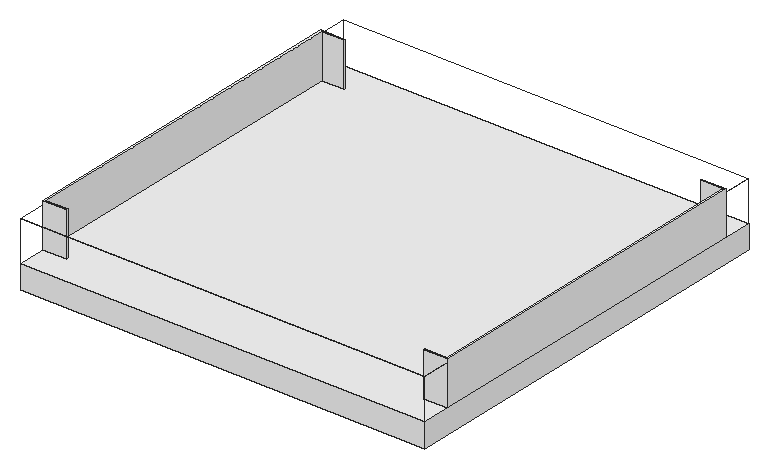
Revit family "Molior 4 Corner - Ceiling based", category Lighting Fixtures, host Ceiling, Revit 2014
Parameters (values of type "Molior 4 Corner 600x600 C")
  Wattage = 31 W
  WarrantyGuarantorParts = "n/a"
  WarrantyDurationParts = "n/a"
  WarrantyDescription = "n/a"
  built-in parameter 1150110 = 1 (stored number, unit not read)
  Version = "n/a"
  Uniclass2 = "Pr_70_70_49_43 Light-Emitting Diode (LED) Luminaires"
  Uniclass 1.4 = "JY73"
  TotalWattage = "Max. 27W / 33W"
  Total height with brackets = 100.00 mm
  built-in parameter 1114217 = 1 (stored number, unit not read)
  Tilt Angle = 90.00°
  built-in parameter 1150109 = 1 (stored number, unit not read)
  built-in parameter 1150134 = 12
  TagNumber = "n/a"
  SustainabilityPerformance = "n/a"
  built-in parameter 1150113 = 1 (stored number, unit not read)
  SupplyCircuitConductorConnections = "n/a"
  Size = "599 x 599 x 100 mm"
  Shape = "Square"
  ProductInformation = "http://riegens.com/molior-corner"
  PhotometricPerformance = "In accordance with BS EN 13032-1"
  Photometric Web File = "Molior 4 corner 31W 4000K Lens Clear.ies"
  PhaseReference = "IEC recommendations"
  Optic = "Direct Collimating TIR optic "
  NominalVoltage = "220-240V"
  ModelReference = "Molior 4 Corner 600x600 C"
  Material = "Steel and optic from PMMA."
  ManufacturersSpecificInformation = "n/a"
  ManufacturerURL = "www.riegens.com"
  Manufacturer = "Riegens A/S"
  built-in parameter 1150105 = 2456.8 (stored number, unit not read)
  Lumens = 3937 lm
  LuminaireType = "Recessed Direct LED Luminaire"
  LuminairePowerFactor = ">0,9"
  built-in parameter 1150115 = 1 (stored number, unit not read)
  LightSource = "LED 3000K / 4000K"
  LightFixturePlacingType = "Ceiling"
  LightFixtureMountingType = "Recessed"
  built-in parameter 1150137 = (empty or 0)
  built-in parameter 1150139 = (empty or 0)
  LampType = "LED"
  LampRating = "25W / 31W"
  LampColourRenderingIndex = "Ra>80 / Ra>90 on request"
  built-in parameter 1150112 = 1 (stored number, unit not read)
  built-in parameter 1150114 = 1 (stored number, unit not read)
  InternalFuse = "Only required in emergency versions"
  InsulationStandardClass = "Class 1"
  built-in parameter 1150132 = (empty or 0)
  built-in parameter 1150102 = (empty or 0)
  built-in parameter 1150107 = 4000 (stored number, unit not read)
  built-in parameter 1150138 = (empty or 0)
  built-in parameter 1150106 = 24.568 (stored number, unit not read)
  IfcExportType = "NOTDEFINED"
  IfcExportAs = "IfcLightFixtureType"
  IP_Code = "IP20"
  HasProtectiveEarth = "TRUE"
  Grade = "n/a"
  Glass = Riegens_Glass_opal
  Frame Width = 599.00 mm
  Frame Thickness = 35.00 mm
  Frame Offset = 0.00 mm
  Frame Length = 599.00 mm
  Frame = Riegens_Steel_Powder coated white RAL901025
  Finish = "Powder coated"
  Features = "n/a"
  built-in parameter 1150104 = 11.799 (stored number, unit not read)
  Documentation = "See URL hyperlink"
  DocumentReference = "See URL hyperlink"
  Dimming Lamp Color Temperature Shift = <None>
  Description = "70-80-35 General Lighting Systems"
  ControlGearPosition = "Integrated "
  Constituents = "n/a"
  Colour = "White"
  Color Filter = 16777215
  CodePerformance = "n/a"
  Clearance Zones Offset = 60.00 mm
  Clearance Zones = yes
  Cassette Width = 0.00 mm
  Cassette Depth = 0.00 mm
  CCSTopnode = "L"
  CCSClassName = "Belysningsarmatur"
  CCSClassCode = "UAC"
  Bracket for C ceilings = yes
  BarCode = "n/a"
  BallastsCELMAEnergyEfficiencyIndex = "Class A1/A2"
  built-in parameter 1114218 = 1 (stored number, unit not read)
  BSAB 96 = "SNB.2"
  BIMObjectName = "Molior 4 Corner 600x600 C.rfa"
  Author = "3dbyggeri"
  built-in parameter 1150133 = 10 (stored number, unit not read)
  AssetType = "Moveable/Fixed"
  AssetIdentifier = "n/a"
  ArticleNumber = "See URL hyperlink"
  AccessibilityPerformance = "n/a"
Types (6, lengths in mm): name | Size | ModelReference | Frame Width | Frame Length | Bracket for C ceilings | BIMObjectName
  (no name) | "599 x 599 x 100 mm" | "Molior 4 Corner 600x600 C" | 599.00 | 599.00 | yes | "Molior 4 Corner 600x600 C.rfa"
  Molior 4 Corner 625x625 C | "624 x 624 x 100 mm" | "Molior 4 Corner 625x625 C" | 624.00 | 624.00 | yes | "Molior 4 Corner 625x625 C.rfa"
  Molior 4 Corner 600x600 C | "599 x 599 x 100 mm" | "Molior 4 Corner 600x600 C" | 599.00 | 599.00 | yes | "Molior 4 Corner 600x600 C.rfa"
  Molior 4 Corner 600x600 SAS 130 | "584 x 584 x 35 mm" | "Molior 4 Corner 600x600 SAS 130" | 584.00 | 584.00 | no | "Molior 4 Corner 600x600 SAS 130.rfa"
  Molior 4 Corner 600x600 TL | "595 x 595 x 35 mm" | "Molior 4 Corner 600x600 TL" | 595.00 | 595.00 | no | "Molior 4 Corner 600x600 TL.rfa"
  Molior 4 Corner 625x625 TL | "620 x 620 x 35 mm" | "Molior 4 Corner 625x625 TL" | 620.00 | 620.00 | no | "Molior 4 Corner 625x625 TL.rfa"
Reference planes
  plane 1 "Center (Front/Back)": y = 0
  plane 2 "Ceiling": z = 0
  plane 3 "Center (Left/Right)": x = 0
  plane 4: z = 0
Lines and regions (mm)
  Opening 1
    outline origin (0, 0, 0) x (1, 0, 0) y (0, 1, 0)
      loop
        line (-299.5, 299.5) -> (-299.5, -299.5) -> (299.5, -299.5) -> (299.5, 299.5) -> (-299.5, 299.5)
Dimensions and locks
  equal spacing: host sketch curve, plane 3 "Center (Left/Right)", host sketch curve
  equal spacing: host sketch curve, plane 1 "Center (Front/Back)", host sketch curve
  host sketch curve to host sketch curve = 3048.00 mm  (x2)
  "Frame Offset": plane 2 "Ceiling" to plane 4
  aligned and locked: plane 1 "Center (Front/Back)" to nested 1
  aligned and locked: Opening 1 sketch curve to nested 1  (x4)
  aligned and locked: imposter light to plane 1 "Center (Front/Back)"
  aligned and locked: plane 4 to imposter light
  aligned and locked: nested 1 to imposter light
  aligned and locked: plane 3 "Center (Left/Right)" to imposter light
  aligned and locked: plane 3 "Center (Left/Right)" to nested 1
Nested families
  nested 1: "Molior 4 Corner - Generic" at (0, 0, 0), type "Molior 4 Corner - Generic"
Connectors
  electrical at (0, 0, 0)
    settings: on host ceiling, index 1, voltage 0 V, apparent load 0 VA, apparent load phase1 0 VA, apparent load phase2 0 VA, apparent load phase3 0 VA, power factor 1, load classification "Other", number of poles 1, system type 31, power factor state 1, is connector primary yes, connector utility no, sub classification motor no, connector description ""
Definition of nested family "Molior 4 Corner - Generic"
  Parameters (values of type "Molior 4 Corner - Generic")
    Total height with brackets = 100.00 mm
    Glass = Riegens_Glass_opal
    Frame Width = 599.00 mm
    Frame Thickness = 35.00 mm
    Frame Length = 599.00 mm
    Frame = Riegens_Steel_Powder coated white RAL901025
    Clearance Zones Offset = 60.00 mm
    Clearance Zones = yes
    Brackets B = yes
    Brackets A = yes
  Reference planes
    plane 1 "Center (Front/Back)": y = 0
    plane 2: z = 0
    plane 3 "Center (Left/Right)": x = 0
    plane 4: x = -299.5
    plane 5: x = 299.5
    plane 6: y = 299.5
    plane 7: y = -299.5
    plane 8: x = -275
    plane 9: y = 275
    plane 10: x = 275
    plane 11: y = -180
    plane 12: x = -180
    plane 13: y = 180
    plane 14: x = 180
    plane 15: y = -275
    plane 16: x = -67.5
    plane 17: x = 67.5
    plane 18: y = -67.5
    plane 19: y = 67.5
    plane 20: y = -257.5
    plane 21: y = 257.5
    plane 22: y = 255.5
    plane 23: y = -255.5
    plane 24: x = -297.5
    plane 25: x = 297.5
    plane 26: z = 100
    plane 27: z = 95
    plane 28: z = 35
  Forms (mm)
    Extrusion 1, solid, material "Riegens_Steel_Powder coated white RAL901025" <- "Frame"
      sketch origin (0, 0, 0) x (1, 0, 0) y (0, 1, 0)
        loop
          line (-299.5, 299.5) -> (-299.5, -299.5) -> (299.5, -299.5) -> (299.5, 299.5) -> (-299.5, 299.5)
      from 0 to 35
    Extrusion 2, void
      sketch origin (0, 0, 0) x (1, 0, 0) y (0, 1, 0)
        loop
          arc (-275, 67.5) -> (-227.5, 33) -> (-180, 67.5) r 49.949
          line (-180, 67.5) -> (-180, 180) -> (-67.5, 180)
          arc (-67.5, 180) -> (-33, 227.5) -> (-67.5, 275) r 49.949
          line (-67.5, 275) -> (-227.5, 275)
          arc (-227.5, 275) -> (-261.088, 261.088) -> (-275, 227.5) r 47.5
          line (-275, 227.5) -> (-275, 67.5)
      from 0 to 2
    Extrusion 3, void
      sketch origin (0, 0, 0) x (-1, 0, 0) y (0, -1, 0)
        loop
          line (-275, -67.5) -> (-275, -227.5)
          arc (-275, -227.5) -> (-261.088, -261.088) -> (-227.5, -275) r 47.5
          line (-227.5, -275) -> (-67.5, -275)
          arc (-67.5, -275) -> (-33, -227.5) -> (-67.5, -180) r 49.949
          line (-67.5, -180) -> (-180, -180) -> (-180, -67.5)
          arc (-180, -67.5) -> (-227.5, -33) -> (-275, -67.5) r 49.949
      from 0 to 2
    Extrusion 4, void
      sketch origin (0, 0, 0) x (1, 0, 0) y (0, 1, 0)
        loop
          line (-275, -67.5) -> (-275, -227.5)
          arc (-275, -227.5) -> (-261.088, -261.088) -> (-227.5, -275) r 47.5
          line (-227.5, -275) -> (-67.5, -275)
          arc (-67.5, -275) -> (-33, -227.5) -> (-67.5, -180) r 49.949
          line (-67.5, -180) -> (-180, -180) -> (-180, -67.5)
          arc (-180, -67.5) -> (-227.5, -33) -> (-275, -67.5) r 49.949
      from 0 to 2
    Extrusion 5, void
      sketch origin (0, 0, 0) x (-1, 0, 0) y (0, -1, 0)
        loop
          arc (-275, 67.5) -> (-227.5, 33) -> (-180, 67.5) r 49.949
          line (-180, 67.5) -> (-180, 180) -> (-67.5, 180)
          arc (-67.5, 180) -> (-33, 227.5) -> (-67.5, 275) r 49.949
          line (-67.5, 275) -> (-227.5, 275)
          arc (-227.5, 275) -> (-261.088, 261.088) -> (-275, 227.5) r 47.5
          line (-275, 227.5) -> (-275, 67.5)
      from 0 to 2
    Extrusion 6, solid, material "Riegens_Glass_opal" <- "Glass"
      sketch origin (0, 0, 0) x (1, 0, 0) y (0, 1, 0)
        loop
          arc (-227.5, 275) -> (-261.088, 261.088) -> (-275, 227.5) r 47.5
          line (-275, 227.5) -> (-275, 67.5)
          arc (-275, 67.5) -> (-227.5, 33) -> (-180, 67.5) r 49.949
          line (-180, 67.5) -> (-180, 180) -> (-67.5, 180)
          arc (-67.5, 180) -> (-33, 227.5) -> (-67.5, 275) r 49.949
          line (-67.5, 275) -> (-227.5, 275)
      from 0 to 2
    Extrusion 7, solid, material "Riegens_Glass_opal" <- "Glass"
      sketch origin (0, 0, 0) x (1, 0, 0) y (0, 1, 0)
        loop
          arc (67.5, 275) -> (33, 227.5) -> (67.5, 180) r 49.949
          line (67.5, 180) -> (180, 180) -> (180, 67.5)
          arc (180, 67.5) -> (227.5, 33) -> (275, 67.5) r 49.949
          line (275, 67.5) -> (275, 227.5)
          arc (275, 227.5) -> (261.088, 261.088) -> (227.5, 275) r 47.5
          line (227.5, 275) -> (67.5, 275)
      from 0 to 2
    Extrusion 8, solid, material "Riegens_Glass_opal" <- "Glass"
      sketch origin (0, 0, 0) x (1, 0, 0) y (0, 1, 0)
        loop
          arc (-180, -67.5) -> (-227.5, -33) -> (-275, -67.5) r 49.949
          line (-275, -67.5) -> (-275, -227.5)
          arc (-275, -227.5) -> (-261.088, -261.088) -> (-227.5, -275) r 47.5
          line (-227.5, -275) -> (-67.5, -275)
          arc (-67.5, -275) -> (-33, -227.5) -> (-67.5, -180) r 49.949
          line (-67.5, -180) -> (-180, -180) -> (-180, -67.5)
      from 0 to 2
    Extrusion 9, solid, material "Riegens_Glass_opal" <- "Glass"
      sketch origin (0, 0, 0) x (1, 0, 0) y (0, 1, 0)
        loop
          arc (67.5, -180) -> (33, -227.5) -> (67.5, -275) r 49.949
          line (67.5, -275) -> (227.5, -275)
          arc (227.5, -275) -> (261.088, -261.088) -> (275, -227.5) r 47.5
          line (275, -227.5) -> (275, -67.5)
          arc (275, -67.5) -> (227.5, -33) -> (180, -67.5) r 49.949
          line (180, -67.5) -> (180, -180) -> (67.5, -180)
      from 0 to 2
    Extrusion 10, solid, material "Riegens_Steel_Powder coated white RAL901025" <- "Frame", visible <- "Brackets B"
      sketch origin (0, 0, 35) x (1, 0, 0) y (0, 1, 0)
        loop
          line (-299.5, 257.5) -> (-299.5, -257.5) -> (-264.5, -257.5) -> (-264.5, -255.5) -> (-297.5, -255.5) -> (-297.5, 255.5) -> (-264.5, 255.5) -> (-264.5, 257.5) -> (-299.5, 257.5)
      from 0 to 65
    Extrusion 11, solid, material "Riegens_Steel_Powder coated white RAL901025" <- "Frame", visible <- "Brackets B"
      sketch origin (0, 0, 35) x (-1, 0, 0) y (0, -1, 0)
        loop
          line (-299.5, -257.5) -> (-264.5, -257.5) -> (-264.5, -255.5) -> (-297.5, -255.5) -> (-297.5, 255.5) -> (-264.5, 255.5) -> (-264.5, 257.5) -> (-299.5, 257.5) -> (-299.5, -257.5)
      from 0 to 65
    Extrusion 12, solid, material "Clearance Zones", visible <- "Clearance Zones"
      sketch origin (0, 0, 0) x (1, 0, 0) y (0, 1, 0)
        loop
          line (-299.5, -299.5) -> (299.5, -299.5) -> (299.5, 299.5) -> (-299.5, 299.5) -> (-299.5, -299.5)
      from 0 to 95
  Cuts and joins
    Extrusion 2, Extrusion 3, Extrusion 4, Extrusion 5 cuts Extrusion 1
  Dimensions and locks
    equal spacing: plane 4, plane 3 "Center (Left/Right)", plane 5
    "Frame Width": plane 4 to plane 5
    equal spacing: plane 6, plane 1 "Center (Front/Back)", plane 7
    "Frame Length": plane 6 to plane 7
    plane 8 to plane 12 to plane 16 to plane 3 "Center (Left/Right)" to plane 17 to plane 14 to plane 10 = 95.00 mm locked, 112.50 mm locked, 67.50 mm locked, 67.50 mm locked, 112.50 mm locked, 95.00 mm locked
    plane 9 to plane 13 to plane 19 to plane 1 "Center (Front/Back)" to plane 18 to plane 11 to plane 15 = 95.00 mm locked, 112.50 mm locked, 67.50 mm locked, 67.50 mm locked, 112.50 mm locked, 95.00 mm locked
    locked: Extrusion 2 sketch curve to plane 16 at 15.449
    locked: Extrusion 2 sketch curve to plane 19 at 15.449
    locked: plane 9 to Extrusion 2 sketch curve at 47.5
    locked: plane 8 to Extrusion 2 sketch curve at 47.5
    locked: plane 9 to Extrusion 3 sketch curve at 47.5  (x2)
    locked: Extrusion 3 sketch curve to plane 10 at 47.5  (x2)
    locked: Extrusion 3 sketch curve to plane 19 at 15.449
    locked: plane 17 to Extrusion 3 sketch curve at 15.449
    locked: Extrusion 4 sketch curve to plane 15 at 47.5  (x2)
    locked: plane 8 to Extrusion 4 sketch curve at 47.5  (x2)
    locked: Extrusion 4 sketch curve to plane 18 at 15.449
    locked: Extrusion 4 sketch curve to plane 16 at 15.449
    locked: Extrusion 5 sketch curve to plane 10 at 47.5  (x2)
    locked: Extrusion 5 sketch curve to plane 15 at 47.5  (x2)
    locked: plane 17 to Extrusion 5 sketch curve at 15.449
    locked: Extrusion 5 sketch curve to plane 18 at 15.449
    plane 23 to plane 20 to plane 7 = 2.00 mm locked, 42.00 mm locked
    plane 6 to plane 21 to plane 22 = 42.00 mm locked, 2.00 mm locked
    locked: plane 4 to plane 24 at 2
    locked: plane 4 to Extrusion 10 sketch curve at 35  (x2)
    locked: plane 25 to plane 5 at 2
    locked: Extrusion 11 sketch curve to plane 5 at 35  (x2)
    "Total height with brackets": plane 2 to plane 26
    "Frame Thickness": plane 2 to plane 28
    "Clearance Zones Offset": plane 28 to plane 27
    aligned and locked: plane 2 to level
    aligned and locked: Extrusion 1 sketch curve to plane 6
    aligned and locked: Extrusion 1 sketch curve to plane 7
    aligned and locked: Extrusion 1 sketch curve to plane 4
    aligned and locked: Extrusion 1 sketch curve to plane 5
    aligned and locked: Extrusion 2 sketch curve to plane 8
    aligned and locked: Extrusion 2 sketch curve to plane 12
    aligned and locked: Extrusion 2 sketch curve to plane 9
    aligned and locked: Extrusion 2 sketch curve to plane 13
    aligned and locked: plane 13 to Extrusion 3 sketch curve
    aligned and locked: plane 9 to Extrusion 3 sketch curve
    aligned and locked: plane 14 to Extrusion 3 sketch curve
    aligned and locked: plane 10 to Extrusion 3 sketch curve
    aligned and locked: plane 8 to Extrusion 4 sketch curve
    aligned and locked: plane 12 to Extrusion 4 sketch curve
    aligned and locked: Extrusion 4 sketch curve to plane 11
    aligned and locked: Extrusion 4 sketch curve to plane 15
    aligned and locked: plane 11 to Extrusion 5 sketch curve
    aligned and locked: Extrusion 5 sketch curve to plane 14
    aligned and locked: Extrusion 5 sketch curve to plane 10
    aligned and locked: plane 15 to Extrusion 5 sketch curve
    aligned and locked: Extrusion 6 sketch curve to cut or joined group of Extrusion 1, Extrusion 2, Extrusion 3, Extrusion 4, Extrusion 5  (x6)
    aligned and locked: Extrusion 7 sketch curve to cut or joined group of Extrusion 1, Extrusion 2, Extrusion 3, Extrusion 4, Extrusion 5  (x6)
    aligned and locked: Extrusion 8 sketch curve to cut or joined group of Extrusion 1, Extrusion 2, Extrusion 3, Extrusion 4, Extrusion 5  (x6)
    aligned and locked: Extrusion 9 sketch curve to cut or joined group of Extrusion 1, Extrusion 2, Extrusion 3, Extrusion 4, Extrusion 5  (x6)
    aligned and locked: Extrusion 10 sketch curve to plane 20
    aligned and locked: plane 4 to Extrusion 10 sketch curve
    aligned and locked: Extrusion 10 sketch curve to plane 24
    aligned and locked: plane 23 to Extrusion 10 sketch curve
    aligned and locked: Extrusion 10 sketch curve to plane 21
    aligned and locked: Extrusion 10 sketch curve to plane 22
    aligned and locked: Extrusion 11 sketch curve to plane 5
    aligned and locked: plane 25 to Extrusion 11 sketch curve
    aligned and locked: Extrusion 11 sketch curve to plane 23
    aligned and locked: plane 20 to Extrusion 11 sketch curve
    aligned and locked: plane 21 to Extrusion 11 sketch curve
    aligned and locked: plane 22 to Extrusion 11 sketch curve
    aligned and locked: Extrusion 12 sketch curve to plane 7
    aligned and locked: Extrusion 12 sketch curve to plane 4
    aligned and locked: Extrusion 12 sketch curve to plane 6
    aligned and locked: Extrusion 12 sketch curve to plane 5
    aligned and locked: Extrusion 10 to Extrusion 11
    aligned and locked: plane 26 to Extrusion 10
    aligned and locked: plane 28 to cut or joined group of Extrusion 1, Extrusion 2, Extrusion 3, Extrusion 4, Extrusion 5
    aligned and locked: plane 27 to Extrusion 12
  Automatic sketch dimensions
    Extrusion 2 sketch curve to plane 16 = 0.00 mm  (x2)
    Extrusion 2 sketch curve to plane 19 = 0.00 mm  (x2)
    Extrusion 3 sketch curve to plane 17 = 0.00 mm
    Extrusion 3 sketch curve to plane 19 = 0.00 mm
    Extrusion 4 sketch curve to plane 16 = 0.00 mm
    plane 18 to Extrusion 4 sketch curve = 0.00 mm
    Extrusion 5 sketch curve to plane 17 = 0.00 mm
    plane 18 to Extrusion 5 sketch curve = 0.00 mm
    Extrusion 7 sketch curve to plane 9 = 0.00 mm
    Extrusion 7 sketch curve to plane 10 = 47.50 mm
